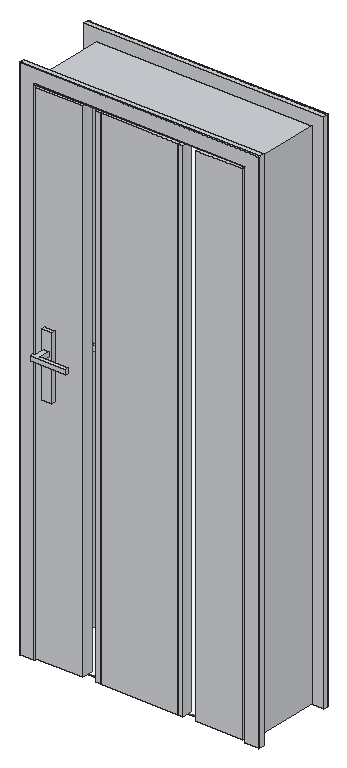
Revit family "NaturaIMPRESSbp_9", category Drzwi, Revit 2016
Family settings
  Obiekt nadrzędny = Ściana
  Zawsze pionowo = Tak
  Tnij formami wycięć po wczytaniu = Nie
  Współdzielony = Nie
  Punkt obliczania pomieszczeń = Nie
Parameters (values of type "PN 80")
  Zakres szerokości muru [instance] = if(and(Szerokość ściany > 94 mm, Szerokość ściany < 120 mm), "B", (if(and(Szerokość ściany > 119 mm, Szerokość ściany < 140 mm), "C", (if(and(Szerokość ściany > 139 mm, Szerokość ściany < 160 mm), "D", (if(and(Szerokość ściany > 159 mm, Szerokość ściany < 180 mm), "E", (if(and(Szerokość ściany > 179 mm, Szerokość ściany < 200 mm), "F", (if(and(Szerokość ściany > 199 mm, Szerokość ściany < 220 mm), "G", (if(and(Szerokość ściany > 219 mm, Szerokość ściany < 240 mm), "H", (if(and(Szerokość ściany > 239 mm, Szerokość ściany < 260 mm), "I", (if(and(Szerokość ściany > 259 mm, Szerokość ściany < 280 mm), "J", (if(and(Szerokość ściany > 279 mm, Szerokość ściany < 301 mm), "K", "BRAK")))))))))))))))))))  # "K"
  Wysokość brutto = 2060 mm
  Szerokość ściany [instance] = 300 mm
  Szerokość brutto = 880 mm
  Model = "Natura IMPRESS 9"
  Materiał_szyba = Szkło
  Materiał_relief = none
  Konstrukcja analityczna = "<Brak>"
  Funkcja = Wewnętrzna
  URL = "www.porta.com.pl"
  Ss = 818 mm
  Sb = 846 mm
  Producent = "PORTA KMI POLAND"  # constant formula
  Keynote = ""
  Opis = "Własność Porta KMI Poland, wszelkie prawa zastrzeżone."  # constant formula
  Wysokość = 2016 mm
  Zakończenie ściany = Wg obiektu nadrzędnego
  Szerokość = 800 mm
  Materiał_skrzydło [instance] = none
  Materiał_ościeżnica [instance] = none
  Materiał_klamka [instance] = none
  Hs = 2017 mm
Types (5, lengths in mm): name | Szerokość brutto | Materiał_szyba | Ss | Sb | Szerokość
  PN 70 | 780 | none | 718 | 746 | 700
  PN 60 | 680 | none | 618 | 646 | 600
  PN 80 | 880 | Szkło | 818 | 846 | 800
  PN 90 | 980 | none | 918 | 946 | 900
  PN 100 | 1080 | none | 1018 | 1046 | 1000
Reference planes
  plane 1: y = 0
  plane 2 "Środek (Lewa/Prawa)": x = 0
  plane 3 "Lewy": x = -440
  plane 4 "Prawy": x = 440
  plane 5: z = 2060
  plane 6 "Zewnętrzna": y = 150
  plane 7 "Wewnętrzna": y = -150
  plane 8 "skrzydło": y = -129
  plane 9: x = -409
  plane 10: x = 409
Forms (mm)
  Sweep 1, solid, material <- "Materiał_ościeżnica"
    path in 3D
      loop
        line (-440, -150, 0) -> (-440, -150, 2060) -> (440, -150, 2060) -> (440, -150, 0)
    profile origin (-440, -150, 1030) x (0, -1, 0) y (1, 0, 0)
      loop
        line (-24, 39) -> (-72, 39) -> (-72, 17) -> (0, 17) -> (0, -33) -> (16, -33)
        arc (16, -33) -> (18.121, -32.121) -> (19, -30) r 3
        line (19, -30) -> (19, 24)
        arc (19, 24) -> (18.121, 26.121) -> (16, 27) r 3
        line (16, 27) -> (-24, 27) -> (-24, 39)
  Sweep 2, solid, material <- "Materiał_ościeżnica"
    path in 3D
      loop
        line (440, 150, 0) -> (440, 150, 2060) -> (-440, 150, 2060) -> (-440, 150, 0)
    profile origin (-440, 150, 1030) x (1, 0, 0) y (0, 1, 0)
      loop
        line (-33, 0) -> (17, 0) -> (17, -228) -> (39, -228) -> (39, -1)
        arc (39, -1) -> (37.536, 2.536) -> (34, 4) r 5
        line (34, 4) -> (25, 4) -> (25, 16)
        arc (25, 16) -> (24.121, 18.121) -> (22, 19) r 3
        line (22, 19) -> (-30, 19)
        arc (-30, 19) -> (-32.121, 18.121) -> (-33, 16) r 3
        line (-33, 16) -> (-33, 0)
  Sweep 3, solid, not visible
    path in 3D
      loop
        line (-440, -150, 0) -> (-440, -150, 2060)
    profile origin (-440, -150, 1030) x (0, -1, 0) y (1, 0, 0)
      loop
        line (-151, 17) -> (-149, 17) -> (-149, 19) -> (-151, 19) -> (-151, 17)
Cuts and joins
  joined: Sweep 1, Sweep 2
Lines and regions (mm)
  Opening 1
    outline origin (-3050, -150, 0) x (1, 0, 0) y (0, 0, 1)
      loop
        line (2610, 0) -> (3490, 0) -> (3490, 2060) -> (2610, 2060) -> (2610, 0)
  sketch lines
    curve 1: line (-440, -150, 0) -> (-440, -150, 2060)
    curve 2: line (-440, -150, 2060) -> (440, -150, 2060)
    curve 3: line (440, -150, 2060) -> (440, -150, 0)
    curve 4: line (-440, 150, 2060) -> (-440, 150, 0)
    curve 5: line (440, 150, 2060) -> (-440, 150, 2060)
    curve 6: line (440, 150, 0) -> (440, 150, 2060)
    curve 12: line (-440, -150, 0) -> (-440, -150, 2060)
  symbolic lines, style "DoorsPanelProjection"
    curve 7: line (409, -150, 0) -> (409, -968, 0)
    curve 8: line (409, -968, 0) -> (369, -968, 0)
    curve 9: line (369, -968, 0) -> (369, -150, 0)
    curve 10: line (369, -150, 0) -> (409, -150, 0)
  symbolic lines, style "Ugięcie rzutu"
    curve 11: arc (-409, -150, 0) -> (-169.413, -728.413, 0) -> (409, -968, 0) r 818
Text (mm)
  text "Zewnętrzna" at (-2295.016, 1099.543, 0), in view "Poziom odniesienia"
  text "Zewnętrzna" at (0, 1615.38, 3698.081), in view "Lewy"
  text "Zewnętrzna" at (0, 1036.032, 3874.932), in view "Prawy"
Dimensions and locks
  equal spacing: plane 3 "Lewy", plane 2 "Środek (Lewa/Prawa)", plane 4 "Prawy"
  "Szerokość brutto": plane 3 "Lewy" to plane 4 "Prawy"
  "Wysokość brutto": plane 5 to host wall
  host wall to plane 5 = 2060 mm  (x2)
  locked: plane 6 "Zewnętrzna" to host wall at 0
  locked: plane 7 "Wewnętrzna" to host wall
  "Sb": Sweep 1 to Sweep 1
  locked: Sweep 1 sketch curve to Sweep 1 sketch curve at 22
  Sweep 1 sketch curve to Sweep 1 sketch curve = 50 mm
  locked: Sweep 1 sketch curve to profile plane at 72
  locked: Sweep 2 sketch curve to Sweep 2 sketch curve at 50
  locked: Sweep 2 sketch curve to Sweep 2 sketch curve at 22
  locked: Sweep 2 sketch curve to plane 6 "Zewnętrzna" at 1
  locked: curve 9 to curve 7 at 40
  "Ss": curve 8 to curve 10
  equal spacing: curve 11, plane 2 "Środek (Lewa/Prawa)", curve 7
  locked: plane 7 "Wewnętrzna" to plane 8 "skrzydło" at 21
  locked: host wall to Sweep 3 sketch curve at 1
  locked: Sweep 3 sketch curve to host wall at 1
  locked: Sweep 3 sketch curve to plane 6 "Zewnętrzna" at 151
  locked: plane 7 "Wewnętrzna" to Sweep 3 sketch curve at 151
  nested 1 to plane 2 "Środek (Lewa/Prawa)" to nested 1 = 409 mm, 409 mm
  locked: nested 1 to level at 8
  "Szerokość ściany": host wall to host wall
  equal spacing: plane 9, plane 2 "Środek (Lewa/Prawa)", plane 10
  "Ss": plane 9 to plane 10
  aligned and locked: plane 3 "Lewy" to Opening 1 sketch curve
  aligned and locked: plane 5 to Opening 1 sketch curve  (x2)
  aligned and locked: Opening 1 sketch curve to plane 4 "Prawy"
  aligned and locked: Opening 1 sketch curve to level
  aligned and locked: plane 1 to host wall
  aligned and locked: Sweep 1 to Sweep 2 sketch curve
  aligned and locked: plane 7 "Wewnętrzna" to curve 10
  aligned and locked: Sweep 3 sketch curve to cut or joined group of Sweep 1, Sweep 2
  aligned and locked: Sweep 2 sketch curve to cut or joined group of Sweep 1, Sweep 2
  aligned and locked: nested 1 to plane 8 "skrzydło"
  aligned and locked: nested 1 to plane 9
Automatic sketch dimensions
  profile plane to Sweep 1 sketch curve = 24 mm
  Sweep 1 sketch curve to profile plane = 16 mm  (x2)
  Sweep 1 sketch curve to Sweep 1 sketch curve = 3 mm
  profile plane to Sweep 1 sketch curve = 17 mm
  Sweep 1 sketch curve to Sweep 1 sketch curve = 7 mm
  Sweep 1 sketch curve to profile plane = 0 mm
  Sweep 2 sketch curve to profile plane = 0 mm
  Sweep 2 sketch curve to profile plane = 16 mm
  Sweep 2 sketch curve to Sweep 2 sketch curve = 3 mm
  Sweep 2 sketch curve to Sweep 2 sketch curve = 5 mm
  Sweep 2 sketch curve to profile plane = 4 mm
  Sweep 2 sketch curve to Sweep 2 sketch curve = 8 mm
  curve 11 to host wall = 0 mm
  Sweep 3 sketch curve to Sweep 3 sketch curve = 2 mm
Nested families
  nested 1: "skrzydło" at (0, -135.5, 0), type "skrzydło"
Definition of nested family "skrzydło"
  Parameters
    Ss = 818 mm
    Materiał_skrzydło = none
    Materiał_klamka = none
    Materiał szyba = none
    Materiał relief = none
    Hs = 2017 mm
  Reference planes
    plane 1 "Tył": y = 6.5
    plane 2: z = 0
    plane 3 "Środek (Lewa/Prawa)": x = 0
    plane 4 "Przód": y = -33.5
    plane 5: z = 2025
    plane 6 "Centrum": y = -13.5
    plane 7: z = 8
    plane 8: x = -409
    plane 9: x = 409
    plane 10: x = -152
    plane 11: x = 152
    plane 12: x = -172
    plane 13: x = -222
    plane 14: x = 172
    plane 15: x = 222
  Forms (mm)
    Extrusion 1, solid, material <- "Materiał_skrzydło"
      sketch origin (-892.016, -13.5, 1200) x (-1, 0, 0) y (0, 0, 1)
        loop
          line (-1301.016, -1192) -> (-1114.016, -1192) -> (-1114.016, 825) -> (-1301.016, 825) -> (-1301.016, -1192)
        loop
          line (-483.016, -1192) -> (-483.016, 825) -> (-670.016, 825) -> (-670.016, -1192) -> (-483.016, -1192)
        loop
          line (-720.016, 825) -> (-740.016, 825) -> (-740.016, -1192) -> (-720.016, -1192) -> (-720.016, 825)
        loop
          line (-1064.016, 825) -> (-1064.016, -1192) -> (-1044.016, -1192) -> (-1044.016, 825) -> (-1064.016, 825)
      from 20 to -20
    Extrusion 2, solid, material <- "Materiał relief"
      sketch origin (0, 6.5, 0) x (1, 0, 0) y (0, 0, 1)
        loop
          line (-152, 2025) -> (-152, 8) -> (152, 8) -> (152, 2025) -> (-152, 2025)
      from 0 to 40
    Extrusion 3, solid, material <- "Materiał szyba"
      sketch origin (-892.016, -13.5, 1200) x (-1, 0, 0) y (0, 0, 1)
        loop
          line (-670.016, 825) -> (-720.016, 825) -> (-720.016, -1192) -> (-670.016, -1192) -> (-670.016, 825)
        loop
          line (-1114.016, 825) -> (-1114.016, -1192) -> (-1064.016, -1192) -> (-1064.016, 825) -> (-1114.016, 825)
      from -4 to 4
  Dimensions and locks
    locked: plane 7 to level at 8
    "Hs": plane 5 to plane 7
    locked: nested 1 to plane 7 at 934
    locked: plane 7 to nested 2 at 934
    equal spacing: plane 4 "Przód", plane 6 "Centrum", plane 1 "Tył"
    "Ss": plane 8 to plane 9
    locked: plane 8 to nested 1 at 55
    locked: plane 8 to nested 2 at 55
    equal spacing: plane 8, plane 3 "Środek (Lewa/Prawa)", plane 9
    locked: plane 8 to plane 10 at 257
    plane 8 to plane 13 to plane 12 = 187 mm locked, 50 mm locked
    locked: plane 15 to plane 14 at 50
    locked: plane 9 to plane 15 at 187
    locked: plane 9 to plane 11 at 257
    aligned and locked: nested 1 to plane 4 "Przód"
    aligned and locked: nested 2 to nested 1
    aligned and locked: Extrusion 1 sketch curve to plane 9
    aligned and locked: Extrusion 1 to plane 4 "Przód"
    aligned and locked: Extrusion 1 to plane 1 "Tył"
    aligned and locked: Extrusion 2 to plane 4 "Przód"
    aligned and locked: Extrusion 2 sketch curve to plane 10
    aligned and locked: Extrusion 2 sketch curve to plane 5
    aligned and locked: plane 8 to Extrusion 1 sketch curve
    aligned and locked: plane 5 to Extrusion 1 sketch curve  (x3)
    aligned and locked: plane 7 to Extrusion 1 sketch curve  (x3)
    aligned and locked: plane 11 to Extrusion 2 sketch curve
    aligned and locked: Extrusion 2 sketch curve to plane 7
    aligned and locked: Extrusion 1 sketch curve to plane 13
    aligned and locked: plane 12 to Extrusion 1 sketch curve
    aligned and locked: plane 10 to Extrusion 1 sketch curve
    aligned and locked: plane 5 to Extrusion 3 sketch curve  (x2)
    aligned and locked: plane 13 to Extrusion 3 sketch curve
    aligned and locked: plane 12 to Extrusion 3 sketch curve
    aligned and locked: plane 7 to Extrusion 3 sketch curve  (x2)
    aligned and locked: plane 15 to Extrusion 1 sketch curve
    aligned and locked: Extrusion 1 sketch curve to plane 14
    aligned and locked: Extrusion 1 sketch curve to plane 11
    aligned and locked: Extrusion 3 sketch curve to plane 15
    aligned and locked: Extrusion 3 sketch curve to plane 14
  Automatic sketch dimensions
    Extrusion 1 sketch curve to plane 7 = 0 mm
    Extrusion 1 sketch curve to plane 5 = 0 mm
  Nested families
    nested 1: "KLAMKA" at (-354, -33.5, 1067), Materiał klamki <- "Materiał_klamka", type "KLAMKA"
      with Materiał klamki none
    nested 2: "KLAMKA" at (-354, 6.5, 1067), Materiał klamki <- "Materiał_klamka", type "KLAMKA"
      with Materiał klamki none
  Definition of nested family "KLAMKA"
    Parameters
      Materiał klamki [instance] = none
      Assembly Code = ""
      Default Elevation = 1219.2 mm
    Reference planes
      plane 1 "Center (Front/Back)": y = 0
      plane 2: z = 0
      plane 3 "Center (Left/Right)": x = 0
      plane 4: z = 125
      plane 5: z = -125
      plane 6: x = 20
      plane 7: x = -20
      plane 8: y = -70
      plane 9: y = -60
      plane 10: x = 10
      plane 11: x = -10
      plane 12: x = 120
      plane 13: z = 35
      plane 14: z = 55
      plane 15: y = -15
    Forms (mm)
      Extrusion 1, solid, material <- "Materiał klamki"
        sketch origin (0, 0, 0) x (1, 0, 0) y (0, 0, 1)
          loop
            line (-20, 125) -> (-20, -125) -> (20, -125) -> (20, 125) -> (-20, 125)
        from 0 to 15
      Extrusion 2, solid, material <- "Materiał klamki"
        sketch origin (0, 0, 0) x (1, 0, 0) y (0, 1, 0)
          loop
            line (-10, -15) -> (-10, -60) -> (-20, -60) -> (-20, -70) -> (120, -70) -> (120, -60) -> (10, -60) -> (10, -15) -> (-10, -15)
        from 35 to 55
    Dimensions and locks
      equal spacing: plane 4, plane 2, plane 5
      plane 4 to plane 5 = 250 mm
      equal spacing: plane 7, plane 3 "Center (Left/Right)", plane 6
      plane 7 to plane 6 = 40 mm
      plane 8 to plane 1 "Center (Front/Back)" = 70 mm
      plane 11 to plane 3 "Center (Left/Right)" to plane 10 = 10 mm locked, 10 mm locked
      plane 7 to plane 12 = 140 mm
      plane 15 to plane 1 "Center (Front/Back)" = 15 mm
      aligned and locked: plane 7 to Extrusion 1 sketch curve
      aligned and locked: Extrusion 1 sketch curve to plane 4
      aligned and locked: plane 5 to Extrusion 1 sketch curve
      aligned and locked: Extrusion 1 sketch curve to plane 6
      aligned and locked: plane 15 to Extrusion 1
      aligned and locked: Extrusion 1 to plane 1 "Center (Front/Back)"
      aligned and locked: plane 14 to Extrusion 2
      aligned and locked: Extrusion 2 to plane 13
    Automatic sketch dimensions
      Extrusion 2 sketch curve to plane 7 = 0 mm
      Extrusion 2 sketch curve to plane 9 = 0 mm  (x2)
      Extrusion 2 sketch curve to plane 11 = 0 mm
      Extrusion 2 sketch curve to plane 10 = 0 mm
      Extrusion 2 sketch curve to plane 12 = 0 mm
      Extrusion 2 sketch curve to plane 8 = 0 mm
      Extrusion 2 sketch curve to plane 15 = 0 mm
